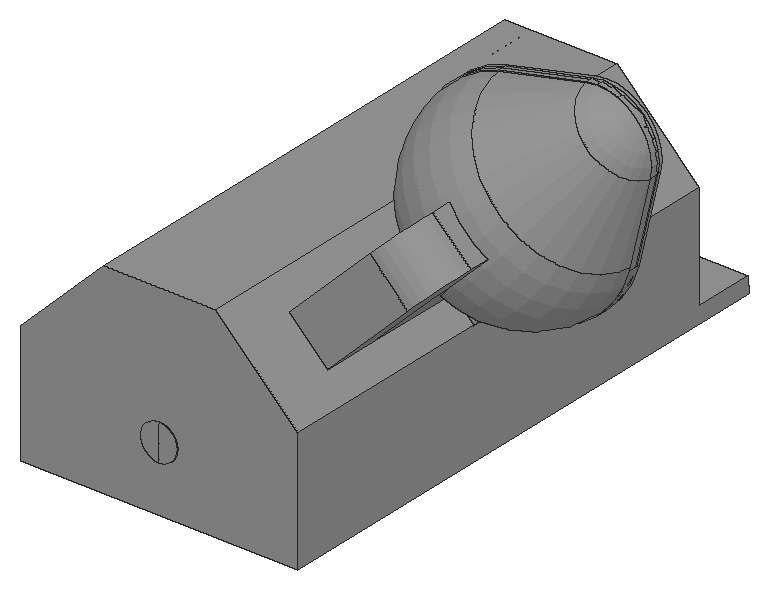
Revit family "Combination-Willoughby-ECF-1847-L-R-ON", category Plumbing Fixtures, Revit 2015
Parameters (values of type "Standard")
  Waste DIA = 2 3/8"
  Waste Connection = yes
  Vent Connection = no
  URL = "https://www.willoughby-ind.com/wp-content/uploads/2017/12/1847.pdf"
  Type Comments = ""
  Revision = "A"
  Lav Waste DIA = 1 1/2"
  Lav Waste Connection = yes
  HW Connection = no
  Flush Inlet DIA = 1 1/2"
  Flush Inlet Connection = yes
  Fixture Body = Stainless Steel AISI 304-Willoughby
  Model = "ECF-1847-L-R-ON"
  Manufacturer = "Willoughby Industries"
  Description = "1847 Combination Unit, Floor toilet waste outlet, Right toilet, Left Lav. Bowl, On Floor mounted"
  Default Elevation = 0' - 0"
  Contact = "(800) 428-4065"
  CW Connection = no
Reference planes (in)
  plane 1 "Center (Front/Back)": y = 0
  plane 2: z = 0
  plane 3 "Center (Left/Right)": x = 0
  plane 4: x = 3.59375
  plane 5: x = -3.59375
  plane 6: x = 9
  plane 7: x = -9
  plane 8: z = 7.9375
  plane 9: z = 13.25
  plane 10: z = 1.0625
  plane 11 "Lav. Waste Right Opt.": x = 2.25
  plane 12: y = 15
  plane 13: y = 20.5
  plane 14: y = 24.5
  plane 15 "Flush Inlet Left Opt.": x = 6.375
  plane 16 "Lav. WasteLeft Opt.": x = -2.25
  plane 17: x = -6.375
  plane 18: z = 4.25
  plane 19: through (25.81674, 15.25, 8.19293) normal (0.7071, 0, 0.7071)
  plane 20: through (24.38161, 15.25, 16.52236) normal (0.7071, 0, 0.7071)
  plane 21: through (18.18028, 15.25, 18.10951) normal (0.7071, 0, -0.7071)
  plane 22: through (13.93764, 15.25, 22.35215) normal (0.7071, 0, -0.7071)
Forms (in)
  Extrusion 1, solid, material "Stainless Steel AISI 304-Willoughby" <- "Fixture Body"
    sketch origin (0, 0, 0) x (1, 0, 0) y (0, 0, 1)
      loop
        line (9, 0) -> (9, 7.9375) -> (3.6875, 13.25) -> (-3.59375, 13.25) -> (-9, 7.84375) -> (-9, 0) -> (9, 0)
    from 0 to -32.5
  Extrusion 2, solid, material "Stainless Steel AISI 304-Willoughby" <- "Fixture Body"
    sketch origin (0, 0, 0) x (1, 0, 0) y (0, 0, 1)
      loop
        line (9, 0) -> (9, 1.0625) -> (-9, 1.0625) -> (-9, 0) -> (9, 0)
    from -32.5 to -36.5
  Revolve 3, solid, material "Stainless Steel AISI 304-Willoughby" <- "Fixture Body"
    sketch origin (0, 20.5, -12.68404) x (0, 0, -1) y (-1, 0, 0)
      loop
        line (-12.68183, -6.375) -> (-14.18404, -6.375) -> (-14.18404, -7.125) -> (-12.68183, -7.125) -> (-12.68183, -6.375)
      axis (-12.68183, -6.375) -> (-14.18404, -6.375)
    angle from 0 to 360
  Revolve 4, solid, material "Stainless Steel AISI 304-Willoughby" <- "Fixture Body"
    sketch origin (0, 24.5, -7.01223) x (0, 0, -1) y (-1, 0, 0)
      loop
        line (-4.01223, 2.25) -> (-8.01223, 2.25) -> (-8.01223, 1.5) -> (-4.01223, 1.5) -> (-4.01223, 2.25)
      axis (-4.01223, 2.25) -> (-8.01223, 2.25)
    angle from 0 to 360
  Extrusion 5, void
    sketch origin (0, 0, 0) x (-1, 0, 0) y (0, 0, -1)
      loop
        arc (8.03029, -7.13944) -> (8.1929, -6.89611) -> (8.25, -6.60907) r 0.75
        line (8.25, -6.60907) -> (8.25, -4.1875)
        arc (8.25, -4.1875) -> (7.81066, -3.12684) -> (6.75, -2.6875) r 1.5
        line (6.75, -2.6875) -> (1.24411, -2.6875)
        arc (1.24411, -2.6875) -> (0.6082, -2.81399) -> (0.06911, -3.1742) r 1.66169
        line (0.06911, -3.1742) -> (-0.62332, -3.86639)
        arc (-0.62332, -3.86639) -> (-0.94854, -4.35308) -> (-1.06274, -4.92717) r 1.50011
        line (-1.06274, -4.92717) -> (-1.06274, -11.50051)
        arc (-1.06274, -11.50051) -> (-0.69647, -12.38474) -> (0.18776, -12.75101) r 1.2505
        line (0.18776, -12.75101) -> (2.23166, -12.75101)
        arc (2.23166, -12.75101) -> (2.40417, -12.71659) -> (2.55026, -12.61861) r 0.44955
        line (2.55026, -12.61861) -> (8.03029, -7.13944)
    from -32.5 to -27
  Revolve 6, solid, material "Stainless Steel AISI 304-Willoughby" <- "Fixture Body"
    sketch origin (0, 0, 0) x (0, 1, 0) y (0, 0, 1)
      loop
        line (-0.00218, 4.25) -> (-0.00218, 3.0625) -> (2, 3.0625) -> (2, 4.25) -> (-0.00218, 4.25)
      axis (-0.00218, 4.25) -> (2, 4.25)
    angle from 0 to 360
  Revolve 7, solid, material "Stainless Steel AISI 304-Willoughby" <- "Fixture Body"
    sketch origin (3.42224, 14.75, 7.5941) x (-0.707107, 0, -0.707107) y (-0.707107, 0, 0.707107)
      loop
        arc (-16.25875, -6.02566) -> (-9.22764, -6.08019) -> (-5.69625, 0) r 7
        line (-5.69625, 0) -> (-6.19625, 0)
        arc (-6.19625, 0) -> (-9.4731, -5.64458) -> (-15.99973, -5.59794) r 6.5
        line (-15.99973, -5.59794) -> (-20.8721, -2.57392)
        arc (-20.8721, -2.57392) -> (-21.91777, -1.47245) -> (-22.28998, 0) r 3
        line (-22.28998, 0) -> (-22.79, 0)
        arc (-22.79, 0) -> (-22.35472, -1.71553) -> (-21.13577, -2.99875) r 3.5
        line (-21.13577, -2.99875) -> (-16.25875, -6.02566)
      axis (-22.79, 0) -> (-5.69625, 0)
    angle from 0 to 180
  Extrusion 8, solid, material "Stainless Steel AISI 304-Willoughby" <- "Fixture Body"
    sketch origin (3.27014, 14.75, 7.44201) x (-0.707107, 0, -0.707107) y (-0.707107, 0, 0.707107)
      loop
        arc (-16.31246, -6.11221) -> (-11.15584, -6.77641) -> (-6.96698, -3.69657) r 6.99024
        line (-6.96698, -3.69657) -> (-4.40074, -3.69657) -> (-4.40074, 3.65625) -> (-6.9421, 3.65625)
        arc (-6.9421, 3.65625) -> (-11.2049, 6.78845) -> (-16.44046, 6.03277) r 6.98205
        line (-16.44046, 6.03277) -> (-21.4104, 2.94819)
        arc (-21.4104, 2.94819) -> (-23.00527, 0) -> (-21.4104, -2.94819) r 3.52237
        line (-21.4104, -2.94819) -> (-16.31246, -6.11221)
      loop
        line (-20.34476, -1.63051) -> (-15.05004, -3.88749)
        arc (-15.05004, -3.88749) -> (-8.1517, 0) -> (-15.05004, 3.88749) r 4.54455
        line (-15.05004, 3.88749) -> (-20.34476, 1.63051)
        arc (-20.34476, 1.63051) -> (-21.22494, 0) -> (-20.34476, -1.63051) r 1.95034
    from 0.25 to -0.5
  Extrusion 9, solid, material "Stainless Steel AISI 304-Willoughby" <- "Fixture Body"
    sketch origin (7.09654, 15, 11.2684) x (0, 1, 0) y (0.707107, 0, 0.707107)
      loop
        line (-6.77192, 9.05193) -> (-8.17415, 9.05193)
        arc (-8.17415, 9.05193) -> (-10.09199, 8.25753) -> (-10.88639, 6.33969) r 2.71224
        line (-10.88639, 6.33969) -> (-10.88639, -1.0106) -> (-6.77192, -1.0106) -> (-6.77192, 9.05193)
    from 1.75 to -1.75
  Extrusion 10, solid, material "Stainless Steel AISI 304-Willoughby" <- "Fixture Body"
    sketch origin (7.09654, 15, 11.2684) x (0, 1, 0) y (0.707107, 0, 0.707107)
      loop
        line (-6.77192, -1.0106) -> (-0.75, -1.0106) -> (-0.75, 0.82799)
        arc (-0.75, 0.82799) -> (-4.5139, 2.48885) -> (-6.77192, 5.92785) r 7.26374
        line (-6.77192, 5.92785) -> (-6.77192, -1.0106)
    from 1.75 to -1.75
Cuts and joins
  Extrusion 5 cuts Extrusion 1
  Extrusion 5 cuts Extrusion 2
  joined: Extrusion 1, Extrusion 2
Lines and regions (in)
  symbolic lines
    curve 1: line (0, 0, 0) -> (0, 36.5, 0)
    curve 2: line (0, 36.5, 0) -> (0, 36.5, 1.0625)
    curve 3: line (0, 36.5, 1.0625) -> (0, 32.5, 1.0625)
    curve 4: line (0, 32.5, 1.0625) -> (0, 32.5, 13.25)
    curve 5: line (0, 32.5, 13.25) -> (0, 0, 13.25)
    curve 6: line (0, 0, 13.25) -> (0, 0, 0)
    curve 7: line (-3.59375, 0, 13.25) -> (-9, 0, 7.84375)
    curve 8: line (-9, 0, 7.84375) -> (-9, 0, 0)
    curve 9: line (-9, 0, 0) -> (9, 0, 0)
    curve 10: line (9, 0, 0) -> (9, 0, 7.9375)
    curve 11: line (9, 0, 7.9375) -> (3.6875, 0, 13.25)
    curve 12: line (3.6875, 0, 13.25) -> (-3.59375, 0, 13.25)
    curve 13: line (3.6875, 0, 13.25) -> (3.6875, 0, 15.55787)
    curve 14: arc (3.6875, 0, 15.55787) -> (6.89208, 0, 19.95311) -> (6.02566, 0, 25.3231) r 7.06808
    curve 15: line (6.02566, 0, 25.3231) -> (2.99875, 0, 30.20012)
    curve 16: arc (2.99875, 0, 30.20012) -> (0, 0, 31.86832) -> (-2.99875, 0, 30.20012) r 3.52937
    curve 17: line (-2.99875, 0, 30.20012) -> (-6.07971, 0, 25.21485)
    curve 18: line (-2.99875, 0, 30.20012) -> (-6.07971, 0, 25.21485)
    curve 19: line (-3.65625, 0, 15.63437) -> (-3.65625, 0, 13.1875)
    curve 20: arc (1.06274, 0, 11.50051) -> (0.69647, 0, 12.38474) -> (-0.18776, 0, 12.75101) r 1.2505
    curve 21: line (-0.18776, 0, 12.75101) -> (-2.23166, 0, 12.75101)
    curve 22: arc (-2.23166, 0, 12.75101) -> (-2.40417, 0, 12.71659) -> (-2.55026, 0, 12.61861) r 0.44955
    curve 23: line (-2.55026, 0, 12.61861) -> (-8.03034, 0, 7.13853)
    curve 24: arc (-8.03034, 0, 7.13853) -> (-8.19275, 0, 6.89562) -> (-8.25, 0, 6.60907) r 0.74997
    curve 25: line (-8.25, 0, 6.60907) -> (-8.25, 0, 4.1875)
    curve 26: arc (-8.25, 0, 4.1875) -> (-7.81066, 0, 3.12684) -> (-6.75, 0, 2.6875) r 1.5
    curve 27: line (-6.75, 0, 2.6875) -> (-1.24411, 0, 2.6875)
    curve 28: arc (-1.24411, 0, 2.6875) -> (-0.6082, 0, 2.81399) -> (-0.06911, 0, 3.1742) r 1.66169
    curve 29: line (-0.06911, 0, 3.1742) -> (0.63929, 0, 3.8826)
    curve 30: arc (0.63929, 0, 3.8826) -> (0.95285, 0, 4.3636) -> (1.06274, 0, 4.92717) r 1.50011
    curve 31: line (1.06274, 0, 4.92717) -> (1.06274, 0, 11.50051)
    curve 32: line (1.06274, 0, 4.92717) -> (1.06274, 0, 11.50051)
    curve 33: arc (-6.07971, 0, 25.21485) -> (-6.89699, 0, 19.91135) -> (-3.65625, 0, 15.63437) r 6.87915
    curve 34: line (0, 4.11361, 13.25) -> (0, 4.11361, 20.60029)
    curve 35: arc (0, 4.11361, 20.60029) -> (0, 4.90801, 22.51813) -> (0, 6.82585, 23.31253) r 2.71224
    curve 36: line (0, 6.82585, 23.31253) -> (0, 8.16336, 23.31253)
    curve 37: arc (0, 8.16336, 23.31253) -> (0, 7.99722, 21.6286) -> (0, 8.22203, 19.9515) r 7.32259
    curve 38: arc (0, 8.22203, 19.9515) -> (0, 10.47669, 16.55397) -> (0, 14.25, 15.0084) r 6.94224
    curve 39: line (0, 14.25, 15.0084) -> (0, 14.25, 13.25)
    curve 40: line (0, 15, 13.25) -> (0, 15, 31.85452)
    curve 41: line (0, 15, 31.85452) -> (0, 14.25, 31.85452)
    curve 42: arc (0, 14.25, 31.85452) -> (0, 12.82948, 31.2781) -> (0, 11.76289, 30.17695) r 3.71308
    curve 43: line (0, 11.76289, 30.17695) -> (0, 8.70945, 25.3231)
    curve 44: arc (0, 8.70945, 25.3231) -> (0, 8.22523, 24.35556) -> (0, 7.93767, 23.31253) r 5.55709
    curve 45: line (-9, 0, 0) -> (-9, 36.5, 0)
    curve 46: line (-9, 36.5, 0) -> (9, 36.5, 0)
    curve 47: line (9, 36.5, 0) -> (9, 0, 0)
    curve 48: line (9, 0, 0) -> (-9, 0, 0)
    curve 49: line (-9, 32.5, 0) -> (9, 32.5, 0)
    curve 50: line (6.99885, 15, 0) -> (-6.99724, 15, 0)
    curve 51: line (-6.99724, 15, 0) -> (-6.99724, 14.25, 0)
    curve 52: line (1.75, 7.47409, 0) -> (1.75, 4.11361, 0)
    curve 53: line (1.75, 4.11361, 0) -> (-1.75, 4.11361, 0)
    curve 54: line (-1.75, 4.11361, 0) -> (-1.75, 7.47451, 0)
    curve 55: line (-6.99724, 14.25, 0) -> (-6.99724, 15, 0)
    curve 56: line (6.99885, 15, 0) -> (6.99885, 14.25, 0)
    curve 57: arc (6.99885, 14.25, 0) -> (4.76181, 9.63299, 0) -> (0, 7.72347, 0) r 7.10993
    curve 58: arc (0, 7.72347, 0) -> (-4.80743, 9.58353, 0) -> (-6.99724, 14.25, 0) r 6.92375
Dimensions and locks (in)
  equal spacing: plane 4, plane 3 "Center (Left/Right)", plane 5
  plane 4 to plane 5 = 0' - 7 3/16"
  equal spacing: plane 6, plane 3 "Center (Left/Right)", plane 7
  plane 6 to plane 7 = 1' - 6"
  plane 6 to plane 3 "Center (Left/Right)" = 0' - 9"
  level to plane 9 = 1' - 1 1/4"
  level to plane 8 = 0' - 7 15/16"
  plane 6 to plane 11 "Lav. Waste Right Opt." = 0' - 6 3/4"
  plane 12 to plane 1 "Center (Front/Back)" = 1' - 3"
  plane 13 to plane 1 "Center (Front/Back)" = 1' - 8 1/2"
  plane 14 to plane 1 "Center (Front/Back)" = 2' - 0 1/2"
  plane 1 "Center (Front/Back)" to plane 13 = 1' - 8 1/2"
  locked: plane 1 "Center (Front/Back)" to plane 14 at 24.5
  locked: plane 1 "Center (Front/Back)" to plane 12 at 15
  locked: plane 1 "Center (Front/Back)" to cut or joined group of Extrusion 1, Extrusion 2, Extrusion 5 at 32.5
  locked: cut or joined group of Extrusion 1, Extrusion 2, Extrusion 5 to plane 1 "Center (Front/Back)" at 36.5
  locked: plane 7 to plane 6 at 18
  plane 7 to plane 3 "Center (Left/Right)" = 0' - 9"
  plane 6 to plane 15 "Flush Inlet Left Opt." = 0' - 2 5/8"
  plane 16 "Lav. WasteLeft Opt." to plane 7 = 0' - 6 3/4"
  plane 17 to plane 7 = 0' - 2 5/8"
  plane 7 to plane 16 "Lav. WasteLeft Opt." = 0' - 6 3/4"
  plane 15 "Flush Inlet Left Opt." to plane 6 = 0' - 2 5/8"
  level to plane 18 = 0' - 4 1/4"
  plane 21 to plane 22 = 0' - 6"
  aligned and locked: plane 6 to Extrusion 2
  aligned and locked: Extrusion 2 to plane 10
  aligned and locked: Extrusion 2 to plane 7
  aligned and locked: Extrusion 2 to level
  aligned and locked: Revolve 3 sketch curve to Revolve 3 sketch curve  (x2)
  aligned and locked: Revolve 4 sketch curve to Revolve 4 sketch curve  (x2)
Automatic sketch dimensions
  curve 7 to plane 7 = 0' - 0"
  curve 12 to plane 5 = 0' - 0"
  curve 16 to plane 3 "Center (Left/Right)" = 0' - 0"
  curve 13 to plane 9 = 0' - 0"
  curve 11 to plane 6 = 0' - 0"
  curve 9 to level = 0' - 0"
  curve 11 to plane 8 = 0' - 0"
  plane 18 to curve 25 = 0' - 0 1/16"
  plane 7 to curve 25 = 0' - 0 3/4"
  curve 23 to plane 8 = 0' - 0.79897"
  curve 24 to curve 23 = 0' - 0.21966"
  curve 24 to curve 24 = 0' - 0.74996"
  curve 27 to plane 17 = 0' - 0 3/8"
  plane 17 to curve 17 = 0' - 0.29529"
  curve 19 to plane 5 = 0' - 0 1/16"
  plane 5 to curve 18 = 0' - 0.595"
  curve 23 to plane 16 "Lav. WasteLeft Opt." = 0' - 0.30026"
  plane 16 "Lav. WasteLeft Opt." to curve 22 = 0' - 0.01834"
  plane 16 "Lav. WasteLeft Opt." to curve 27 = 0' - 1.00589"
  curve 30 to plane 3 "Center (Left/Right)" = 0' - 0.43738"
  curve 33 to plane 3 "Center (Left/Right)" = 0' - 0.2279"
  curve 20 to plane 3 "Center (Left/Right)" = 0' - 0.18776"
  curve 29 to plane 3 "Center (Left/Right)" = 0' - 0.06911"
  plane 3 "Center (Left/Right)" to curve 14 = 0' - 0.01829"
  plane 18 to curve 29 = 0' - 0.3674"
  plane 3 "Center (Left/Right)" to curve 29 = 0' - 0.63929"
  plane 3 "Center (Left/Right)" to curve 32 = 0' - 1.06274"
  curve 15 to plane 4 = 0' - 0.595"
  plane 4 to curve 13 = 0' - 0 3/32"
  curve 15 to plane 15 "Flush Inlet Left Opt." = 0' - 0.34934"
  curve 29 to curve 30 = 0' - 0.7084"
  curve 24 to curve 24 = 0' - 0.53031"
  curve 7 to plane 8 = 0' - 0 3/32"
  curve 31 to plane 9 = 0' - 1.74949"
  curve 22 to curve 22 = 0' - 0.44955"
  curve 11 to curve 13 = 0' - 2.30787"
  plane 9 to curve 19 = 0' - 2.38437"
  curve 33 to curve 33 = 0' - 5.96398"
  curve 33 to curve 14 = 0' - 0.0006"
  curve 14 to curve 16 = 0' - 3.01585"
  curve 16 to curve 17 = 0' - 1.86117"
  Extrusion 1 sketch curve to level = 0' - 0"
  Extrusion 1 sketch curve to plane 7 = 0' - 0"
  Extrusion 1 sketch curve to plane 5 = 0' - 0"
  Extrusion 1 sketch curve to plane 9 = 0' - 0"
  Extrusion 1 sketch curve to plane 6 = 0' - 0"
  Extrusion 1 sketch curve to plane 8 = 0' - 0"
  plane 4 to Extrusion 1 sketch curve = 0' - 0 3/32"
  Extrusion 1 sketch curve to plane 8 = 0' - 0 3/32"
  Extrusion 2 sketch curve to level = 0' - 0"
  Extrusion 2 sketch curve to plane 7 = 0' - 0"
  Extrusion 2 sketch curve to plane 6 = 0' - 0"
  Extrusion 2 sketch curve to plane 10 = 0' - 0"
  Revolve 3 sketch curve to plane 15 "Flush Inlet Left Opt." = 0' - 0"
  Revolve 3 sketch curve to plane 10 = 0' - 0 7/16"
  plane 15 "Flush Inlet Left Opt." to Revolve 3 sketch curve = 0' - 0 3/4"
  Revolve 3 sketch curve to level = 0' - 0.00221"
  Revolve 3 sketch curve to Revolve 3 sketch curve = 0' - 0"
  Revolve 4 sketch curve to plane 16 "Lav. WasteLeft Opt." = 0' - 0"
  plane 10 to Revolve 4 sketch curve = 0' - 0 1/16"
  plane 16 "Lav. WasteLeft Opt." to Revolve 4 sketch curve = 0' - 0 3/4"
  Revolve 4 sketch curve to level = 0' - 3"
  Revolve 4 sketch curve to Revolve 4 sketch curve = 0' - 0"
  Extrusion 5 sketch curve to plane 3 "Center (Left/Right)" = 0' - 1.06274"
  Extrusion 5 sketch curve to plane 18 = 0' - 0.38361"
  Extrusion 5 sketch curve to plane 3 "Center (Left/Right)" = 0' - 0.62332"
  plane 3 "Center (Left/Right)" to Extrusion 5 sketch curve = 0' - 0.06911"
  plane 3 "Center (Left/Right)" to Extrusion 5 sketch curve = 0' - 0.18776"
  plane 3 "Center (Left/Right)" to Extrusion 5 sketch curve = 0' - 0.43738"
  plane 18 to Extrusion 5 sketch curve = 0' - 0.09919"
  Extrusion 5 sketch curve to Extrusion 5 sketch curve = 0' - 0.80673"
  Extrusion 5 sketch curve to plane 16 "Lav. WasteLeft Opt." = 0' - 0.01834"
  plane 16 "Lav. WasteLeft Opt." to Extrusion 5 sketch curve = 0' - 0.30026"
  plane 17 to Extrusion 5 sketch curve = 0' - 0 3/8"
  plane 17 to Extrusion 5 sketch curve = 0' - 1 1/8"
  Extrusion 5 sketch curve to Extrusion 5 sketch curve = 0' - 0.53029"
  Extrusion 5 sketch curve to Extrusion 5 sketch curve = 0' - 0.21971"
  Extrusion 5 sketch curve to Extrusion 5 sketch curve = 0' - 0.69219"
  plane 8 to Extrusion 5 sketch curve = 0' - 1.32843"
  plane 9 to Extrusion 5 sketch curve = 0' - 1.74949"
  Extrusion 5 sketch curve to Extrusion 5 sketch curve = 0' - 0.44955"
  plane 18 to Revolve 6 sketch curve = 0' - 0"  (x2)
  plane 1 "Center (Front/Back)" to Revolve 6 sketch curve = 0' - 0.00218"
  Revolve 6 sketch curve to plane 1 "Center (Front/Back)" = 0' - 2"
  Revolve 6 sketch curve to Revolve 6 sketch curve = 0' - 1 3/16"
  Revolve 6 sketch curve to Revolve 6 sketch curve = 0' - 1.99782"
  Revolve 6 sketch curve to Revolve 6 sketch curve = 0' - 0"
  curve 1 to level = 0' - 0"
  curve 1 to plane 1 "Center (Front/Back)" = 0' - 0"
  curve 34 to plane 9 = 0' - 0"
  curve 40 to plane 12 = 0' - 0"
  plane 10 to curve 4 = 0' - 0"
  curve 34 to plane 1 "Center (Front/Back)" = 0' - 4.11361"
  curve 35 to curve 36 = 0' - 2.71224"
  curve 35 to curve 36 = 0' - 1.33751"
  curve 43 to plane 12 = 0' - 3.23711"
  curve 44 to plane 12 = 0' - 1.58678"
  curve 39 to plane 12 = 0' - 0 3/4"
  curve 41 to plane 12 = 0' - 0 3/4"
  curve 38 to plane 12 = 0' - 0.12129"
  curve 42 to plane 12 = 0' - 0.09419"
  plane 12 to curve 37 = 0' - 0.3187"
  plane 14 to curve 4 = 0' - 8"
  curve 3 to curve 3 = 0' - 4"
  curve 39 to curve 39 = 0' - 1.7584"
  plane 9 to curve 35 = 0' - 7.35029"
  curve 38 to curve 37 = 0' - 6.74799"
  curve 37 to curve 38 = 0' - 0.16572"
  curve 38 to curve 44 = 0' - 0.44196"
  curve 44 to curve 42 = 0' - 5.83574"
  curve 42 to curve 43 = 0' - 1.97713"
  curve 44 to curve 36 = 0' - 0.2257"
  curve 36 to curve 43 = 0' - 0.54609"
  plane 1 "Center (Front/Back)" to curve 45 = 0' - 0"
  curve 45 to plane 7 = 0' - 0"
  curve 55 to plane 12 = 0' - 0"
  curve 58 to plane 3 "Center (Left/Right)" = 0' - 0"
  curve 47 to plane 6 = 0' - 0"
  curve 51 to plane 17 = 0' - 0.62224"
  plane 16 "Lav. WasteLeft Opt." to curve 53 = 0' - 0 1/2"
  curve 57 to plane 3 "Center (Left/Right)" = 0' - 0.08715"
  curve 58 to plane 3 "Center (Left/Right)" = 0' - 0.08487"
  curve 53 to plane 11 "Lav. Waste Right Opt." = 0' - 0 1/2"
  plane 15 "Flush Inlet Left Opt." to curve 56 = 0' - 0.62385"
  curve 52 to plane 1 "Center (Front/Back)" = 0' - 4.11361"
  curve 58 to plane 12 = 0' - 0.3533"
  curve 57 to plane 12 = 0' - 0.16713"
  plane 14 to curve 46 = 1' - 0"
  curve 52 to curve 57 = 0' - 0.24938"
  curve 54 to curve 57 = 0' - 0.24896"
  curve 58 to curve 57 = 0' - 0"
  curve 49 to curve 46 = 0' - 4"
  Revolve 7 sketch curve to Revolve 7 sketch curve = 0' - 0"  (x7)
  Revolve 7 sketch curve to plane 19 = 0' - 0"
  Revolve 7 sketch curve to plane 20 = 0' - 1.84366"
  Revolve 7 sketch curve to plane 20 = 0' - 0.26165"
  Revolve 7 sketch curve to plane 21 = 0' - 0.00125"
  plane 20 to Revolve 7 sketch curve = 0' - 0.00202"
  plane 20 to Revolve 7 sketch curve = 0' - 1 5/32"
  Revolve 7 sketch curve to Revolve 7 sketch curve = 0' - 0 1/2"  (x2)
  Revolve 7 sketch curve to plane 19 = 0' - 0.25901"
  Revolve 7 sketch curve to plane 19 = 0' - 3 9/16"
  Revolve 7 sketch curve to plane 21 = 0' - 3"
  Revolve 7 sketch curve to Revolve 7 sketch curve = 0' - 6 1/2"
  Revolve 7 sketch curve to plane 21 = 0' - 0.42608"
  plane 15 "Flush Inlet Left Opt." to Extrusion 8 sketch curve = 1' - 2.11926"
  plane 9 to Extrusion 8 sketch curve = 0' - 7.24676"
  Extrusion 8 sketch curve to Extrusion 8 sketch curve = 0' - 0"  (x2)
  Extrusion 8 sketch curve to Extrusion 8 sketch curve = 0' - 1.06564"  (x2)
  Extrusion 8 sketch curve to Extrusion 8 sketch curve = 0' - 0.86186"
  Extrusion 8 sketch curve to Extrusion 8 sketch curve = 0' - 0.2083"
  Extrusion 8 sketch curve to Extrusion 8 sketch curve = 0' - 4.96994"
  Extrusion 8 sketch curve to Extrusion 8 sketch curve = 0' - 5.09794"
  Extrusion 8 sketch curve to Extrusion 8 sketch curve = 0' - 1.39042"
  Extrusion 8 sketch curve to Extrusion 8 sketch curve = 0' - 1.26242"
  Extrusion 8 sketch curve to Extrusion 8 sketch curve = 0' - 2.14484"
  Extrusion 8 sketch curve to Extrusion 8 sketch curve = 0' - 0.00561"
  Extrusion 8 sketch curve to Extrusion 8 sketch curve = 0' - 0.20334"
  Extrusion 8 sketch curve to Extrusion 8 sketch curve = 0' - 5.72926"
  Extrusion 8 sketch curve to Extrusion 8 sketch curve = 0' - 5.75415"
  Extrusion 8 sketch curve to Extrusion 8 sketch curve = 0' - 2.54136"
  Extrusion 8 sketch curve to Extrusion 8 sketch curve = 0' - 0.74838"
  Extrusion 8 sketch curve to Extrusion 8 sketch curve = 0' - 0.9393"
  Extrusion 8 sketch curve to Extrusion 8 sketch curve = 0' - 2.22472"
  Extrusion 8 sketch curve to Extrusion 8 sketch curve = 0' - 1.31767"
  Extrusion 8 sketch curve to Extrusion 8 sketch curve = 0' - 0.00861"
  Extrusion 8 sketch curve to Extrusion 8 sketch curve = 0' - 1.63051"
  Extrusion 8 sketch curve to Extrusion 8 sketch curve = 0' - 0.0238"
  Extrusion 8 sketch curve to Extrusion 8 sketch curve = 0' - 3 21/32"
  Extrusion 9 sketch curve to plane 1 "Center (Front/Back)" = 0' - 4.11361"
  Extrusion 9 sketch curve to Extrusion 9 sketch curve = 0' - 2.71224"
  Extrusion 9 sketch curve to Extrusion 9 sketch curve = 0' - 4.11447"
  Extrusion 9 sketch curve to Extrusion 9 sketch curve = 0' - 7.35029"
  Extrusion 10 sketch curve to plane 12 = 0' - 6.77192"
  Extrusion 10 sketch curve to plane 12 = 0' - 0 3/4"
  plane 12 to Extrusion 10 sketch curve = 0' - 0.18041"
  Extrusion 10 sketch curve to Extrusion 10 sketch curve = 0' - 1.83859"
  Extrusion 10 sketch curve to Extrusion 10 sketch curve = 0' - 6.93845"
Connectors (in)
  piping at (6.375, 20.5, -0.00221), diameter 1.5, driven by "Flush Inlet DIA", driven by "Flush Inlet Connection"
    settings: on Revolve 3, index 2, connector inside diameter 24", connector length 0' - 0", flow factor 0, pipe flow 0 GPM, pressure drop 0.00 psi, fitting loss kfactor 0, connector angle 0.00°, fixture units 0, engagement length 0' - 0", angle of deflection 0.00°, flow configuration 0, flow direction 1, fitting loss method 0, system type 20, joint type 0, gender type 0, connector reference index -1, connector utility 1, adjustable connector no, is connector primary yes, connector description "Flush Inlet"
  piping at (-2.25, 24.5, -3), diameter 1.5, driven by "Lav Waste DIA", driven by "Lav Waste Connection"
    settings: on Revolve 4, index 3, connector inside diameter 24", connector length 0' - 0", flow factor 0, pipe flow 0 GPM, pressure drop 0.00 psi, fitting loss kfactor 0, connector angle 0.00°, fixture units 0, engagement length 0' - 0", angle of deflection 0.00°, flow configuration 0, flow direction 2, fitting loss method 0, system type 16, joint type 0, gender type 0, connector reference index -1, connector utility 1, adjustable connector no, is connector primary no, connector description "Sink Waste"
  piping at (0, -0.00218, 4.25), diameter 2.375, driven by "Waste Connection", driven by "Waste DIA"
    settings: on Revolve 6, index 4, connector inside diameter 24", connector length 0' - 0", flow factor 0, pipe flow 0 GPM, pressure drop 0.00 psi, fitting loss kfactor 0, connector angle 0.00°, fixture units 0, engagement length 0' - 0", angle of deflection 0.00°, flow configuration 0, flow direction 2, fitting loss method 0, system type 16, joint type 0, gender type 0, connector reference index -1, connector utility 1, adjustable connector no, is connector primary no, connector description "Toilet Waste"
